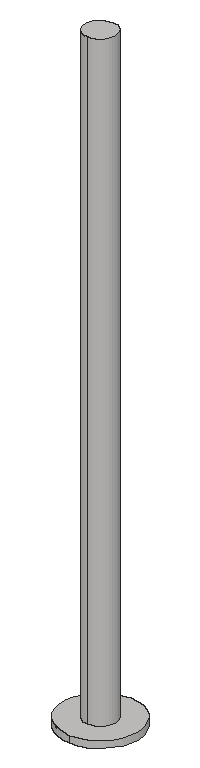
Revit family "KEUCO_14920010000", category Allgemeines Modell, Revit 2016
Family settings
  Teiletyp = Normal
  Kann Basisbauteil für Bewehrung sein = Nein
  Bemaßung runder Anschluss = Durchmesser verwenden
  Arbeitsebenenbasiert = Ja
  Immer vertikal = Nein
  Beim Laden mit Abzugskörper schneiden = Nein
  Gemeinsam genutzt = Nein
  Raumberechnungspunkt = Nein
Parameters (values of type "14920010000")
  Verwendung = "GWC / WP"  # constant formula
  URL = "https://www.keuco.com/de/produkte/sortiment/artikel/?pid=14920&oid=1&pgo=7&country=de&lang=de&vid=14920010000"
  Preisgruppe = ""
  Materialien bei Hersteller anfragen = "Anfrage zu:  objektmanagement@keuco.de"
  Material = Edelstahl
  Rail Length = 450 mm  # constant formula
  Kategorie = ""
  Gewicht = 0
  Description = ""  # constant formula
  Default Elevation = 1219.2 mm
  Serie = "Plan"  # constant formula
  Hersteller = "KEUCO"  # constant formula
  Assembly Code = ""
  Ausschreibungstext = "KEUCO PLAN Handtuchhalter, einarmig, 14920010000\r\nHochglanzverchromter Handtuchhalter, einarmig, \r\nin ästhetischem, funktionalem Design,\r\naus rundem Rohr, mit flachem Endstopfen, \r\nein feststehender runder Haltearm, antistatisch, \r\nleicht zu reinigen,\r\nAusladung 450 mm, Durchmesser 22 mm, \r\nRosettendurchmesser 55 mm, Rosettendicke 7 mm, \r\nder Handtuchhalter wird verdeckt angebracht,\r\nLieferung inkl. korrosionsfreiem Befestigungsmaterial"
  Artikelnummer = "14920010000"
Types (3, lengths in mm): name | URL | Materialien bei Hersteller anfragen | Material | Ausschreibungstext | Artikelnummer
  14920010000 | "https://www.keuco.com/de/produkte/sortiment/artikel/?pid=14920&oid=1&pgo=7&country=de&lang=de&vid=14920010000" | "Anfrage zu:  objektmanagement@keuco.de" | Edelstahl | "KEUCO PLAN Handtuchhalter, einarmig, 14920010000\r\nHochglanzverchromter Handtuchhalter, einarmig, \r\nin ästhetischem, funktionalem Design,\r\naus rundem Rohr, mit flachem Endstopfen, \r\nein feststehender runder Haltearm, antistatisch, \r\nleicht zu reinigen,\r\nAusladung 450 mm, Durchmesser 22 mm, \r\nRosettendurchmesser 55 mm, Rosettendicke 7 mm, \r\nder Handtuchhalter wird verdeckt angebracht,\r\nLieferung inkl. korrosionsfreiem Befestigungsmaterial" | "14920010000"
  14920070000 | "https://www.keuco.com/de/produkte/sortiment/artikel/?pid=14920&oid=1&pgo=7&country=de&lang=de&vid=14920070000" | "Request to:  objektmanagement@keuco.de" | Edelstahl | "KEUCO PLAN Handtuchhalter, einarmig, 14920070000\r\nHandtuchhalter aus hochwertigem Edelstahl, einarmig, \r\nin ästhetischem, funktionalem Design,\r\naus rundem Rohr, mit flachem Endstopfen, \r\nein feststehender runder Haltearm, antistatisch, \r\nleicht zu reinigen,\r\nAusladung 450 mm, Durchmesser 22 mm, \r\nRosettendurchmesser 55 mm, Rosettendicke 7 mm, \r\nder Handtuchhalter wird verdeckt angebracht,\r\nLieferung inkl. korrosionsfreiem Befestigungsmaterial" | "14920070000"
  14920170000 | "https://www.keuco.com/de/produkte/sortiment/artikel/?pid=14920&oid=1&pgo=7&country=de&lang=de&vid=14920170000" | "Request to:  objektmanagement@keuco.de" | Aluminium silber-eloxiert (E6 EV1) | "KEUCO PLAN Handtuchhalter, einarmig, 14920170000\r\nHandtuchhalter aus silber-eloxiertem Aluminium, einarmig, \r\nin ästhetischem, funktionalem Design,\r\naus rundem Rohr, mit flachem Endstopfen, \r\nein feststehender runder Haltearm, antistatisch, \r\nleicht zu reinigen,\r\nAusladung 450 mm, Durchmesser 22 mm, \r\nRosettendurchmesser 55 mm, Rosettendicke 7 mm, \r\nder Handtuchhalter wird verdeckt angebracht,\r\nLieferung inkl. korrosionsfreiem Befestigungsmaterial" | "14920170000"
Reference planes
  plane 1 "Center (Front/Back)": y = 0
  plane 2: z = 0
  plane 3 "Center (Left/Right)": x = 0
  plane 4: z = 450
  plane 5: z = 5
Forms (mm)
  Extrusion 1, solid, material "Edelstahl" <- "Material"
    sketch origin (-9, -0.828, 0) x (0, -1, 0) y (1, 0, 0)
      loop
        circle (-0.828, 9) r 11
    from 5 to 450
  Extrusion 2, solid, material "Edelstahl" <- "Material"
    sketch origin (6, -0.828, 0) x (0, -1, 0) y (1, 0, 0)
      loop
        circle (-0.828, -6) r 27.5
    from 5 to 0
Dimensions and locks
  "Rail Length": plane 4 to plane 2
  aligned and locked: level to plane 2
  aligned and locked: plane 4 to Extrusion 1
  aligned and locked: Extrusion 2 to plane 2
  aligned and locked: plane 5 to Extrusion 2
  aligned and locked: Extrusion 1 to plane 5
Automatic sketch dimensions
  plane 1 "Center (Front/Back)" to Extrusion 1 sketch curve = 0 mm
  Extrusion 1 sketch curve to plane 3 "Center (Left/Right)" = 0 mm
  plane 1 "Center (Front/Back)" to Extrusion 2 sketch curve = 0 mm
  Extrusion 2 sketch curve to plane 3 "Center (Left/Right)" = 0 mm
  radius of Extrusion 1 sketch curve = 11 mm
  radius of Extrusion 2 sketch curve = 27.5 mm
